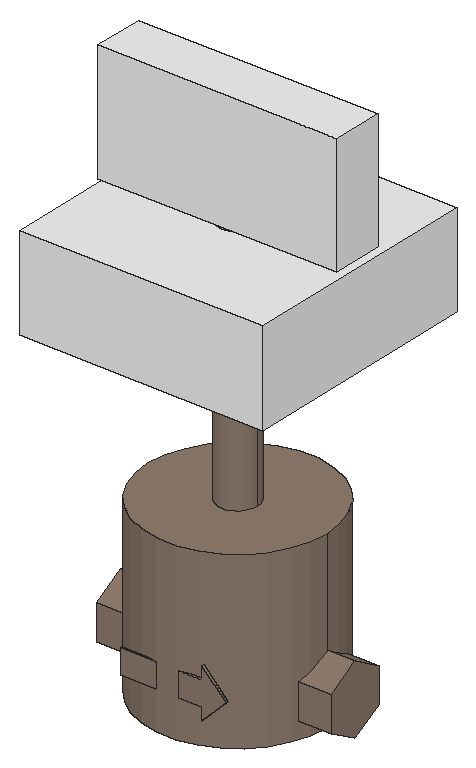
Revit family "Deca_Acabamento para Registro de Pressão Dream_4916.C87.PQ", category Plumbing Fixtures, host Face, Revit 2012
Parameters (values of type "Base Fácil CPVC 28mm (4416.302.CPVC)")
  Vendido Separadamente = ""
  Variações de COR = "Cromado 1/2 e 3/4 (4916.C87.PQ); Preto Fosco 1/2 e 3/4 (4916.F87.PQ.PTO)"  # constant formula
  URL = "www.deca.com.br/produtos"
  Symbol [instance] = no
  Segmento = "Luxo"  # constant formula
  Raio Ponto de Agua = 14 mm
  Produto = "Acabamento para registro de pressão"  # constant formula
  Pressão = "2 A 40 mca"  # constant formula
  Peso Liquido (Kg) = 0.5
  Norma = "ABNT NBR 10283: 2008"  # constant formula
  Model = Código  # "4916.C87.PQ"
  Material = "Deca_Latão Cromado e Plástico de Engenharia"  # constant formula
  Manufacturer = "Deca"  # constant formula
  Louça/Metais = "Metal"  # constant formula
  Linha = "Dream"  # constant formula
  Informações Complementares = "Mecanismo: 1/2 de volta"  # constant formula
  Flow Pressure = 0.00 psi
  Diâmetro Ponto de Agua = Raio Ponto de Agua * 2  # 28 mm
  Description = "Acabamento para registro"  # constant formula
  Default Elevation = 0 mm
  Código = "4916.C87.PQ"
  Criado por = "Contino/quattroD"  # constant formula
  Consumo = "Varia com a pressão"  # constant formula
  CWFU = 0
  Base de Registro de Pressão _Family = Deca_Shared_Base de Registro de Pressão_4916.C87.PQ : 4416.102 - DN 15 (1/2")
  Base de Registro de Pressão [instance] = yes
  Atendimento ao Cliente = "0800-0117073"  # constant formula
  Assembly Code = "D2020"
  Aprovado por = "Contino/quattroD"  # constant formula
  Acompanha o Produto = ""
  Acabamento de Registro [instance] = yes
  Acabamento = Deca CR10 Cromado Metal
Types (12, lengths in mm): name | Raio Ponto de Agua | Model | Diâmetro Ponto de Agua | Código | Base de Registro de Pressão _Family | Acabamento
  (no name) | 14 | "4916.C87.PQ" | 28 | "4916.C87.PQ" | Deca_Shared_Base de Registro de Pressão_4916.C87.PQ : 4416.102 - DN 15 (1/2") | Deca CR10 Cromado Metal
  4916.C87.PQ_Cromado CR10_1/2" | 7.5 | "4916.C87.PQ" | 15 | "4916.C87.PQ" | Deca_Shared_Base de Registro de Pressão_4916.C87.PQ : 4416.102 - DN 15 (1/2") | Deca CR10 Cromado Metal
  4916.C87.PQ_Cromado CR10_3/4" | 10 | "4916.C87.PQ" | 20 | "4916.C87.PQ" | Deca_Shared_Base de Registro de Pressão_4916.C87.PQ : 4416.202 - DN 20 (3/4") | Deca CR10 Cromado Metal
  4916.F87.PQ.PTO_Preto Fosco PR15_1/2" | 7.5 | "4916.F87.PQ.PTO" | 15 | "4916.F87.PQ.PTO" | Deca_Shared_Base de Registro de Pressão_4916.C87.PQ : 4416.102 - DN 15 (1/2") | Deca PR15 Preto Fosco Metal
  4916.F87.PQ.PTO_Preto Fosco PR15_3/4" | 10 | "4916.F87.PQ.PTO" | 20 | "4916.F87.PQ.PTO" | Deca_Shared_Base de Registro de Pressão_4916.C87.PQ : 4416.202 - DN 20 (3/4") | Deca PR15 Preto Fosco Metal
  Base Fácil PVC 20mm (4416.102.PVC) | 10 | "4916.C87.PQ" | 20 | "4916.C87.PQ" | Deca_Shared_Base de Registro de Pressão_4916.C87.PQ : 4416.102 - DN 15 (1/2") | Deca CR10 Cromado Metal
  Base Fácil PVC 25mm (4416.202.PVC) | 12.5 | "4916.C87.PQ" | 25 | "4916.C87.PQ" | Deca_Shared_Base de Registro de Pressão_4916.C87.PQ : 4416.102 - DN 15 (1/2") | Deca CR10 Cromado Metal
  Base Fácil PPR 20mm (4416.102.PPR) | 10 | "4916.C87.PQ" | 20 | "4916.C87.PQ" | Deca_Shared_Base de Registro de Pressão_4916.C87.PQ : 4416.102 - DN 15 (1/2") | Deca CR10 Cromado Metal
  Base Fácil PPR 25mm (4416.202.PPR) | 12.5 | "4916.C87.PQ" | 25 | "4916.C87.PQ" | Deca_Shared_Base de Registro de Pressão_4916.C87.PQ : 4416.102 - DN 15 (1/2") | Deca CR10 Cromado Metal
  Base Fácil CPVC 15mm (4416.102.CPVC) | 7.5 | "4916.C87.PQ" | 15 | "4916.C87.PQ" | Deca_Shared_Base de Registro de Pressão_4916.C87.PQ : 4416.102 - DN 15 (1/2") | Deca CR10 Cromado Metal
  Base Fácil CPVC 22mm (4416.202.CPVC) | 11 | "4916.C87.PQ" | 22 | "4916.C87.PQ" | Deca_Shared_Base de Registro de Pressão_4916.C87.PQ : 4416.102 - DN 15 (1/2") | Deca CR10 Cromado Metal
  Base Fácil CPVC 28mm (4416.302.CPVC) | 14 | "4916.C87.PQ" | 28 | "4916.C87.PQ" | Deca_Shared_Base de Registro de Pressão_4916.C87.PQ : 4416.102 - DN 15 (1/2") | Deca CR10 Cromado Metal
Reference planes
  plane 1 "Center (Front/Back)": y = 0
  plane 2: z = 0
  plane 3 "Center (Left/Right)": x = 0
  plane 4 "Back 1": y = 30.41
  plane 5 "Front 1": y = -30.418
  plane 6 "Left 1": x = -30.408
  plane 7 "Right 1": x = 30.667
  plane 8 "Top 1": z = 54.898
Forms (mm)
  Extrusion 1, solid, material "Deca CR10 Cromado Metal" <- "Acabamento", visible <- "Acabamento de Registro"
    sketch origin (0, 0, 0) x (1, 0, 0) y (0, 1, 0)
      loop
        line (-30.408, 30.41) -> (-30.408, -30.418) -> (30.667, -30.418) -> (30.667, 30.41) -> (-30.408, 30.41)
    from 0 to 23.5
  Extrusion 2, solid, material "Deca CR10 Cromado Metal" <- "Acabamento", visible <- "Acabamento de Registro"
    sketch origin (0, 0, 0) x (1, 0, 0) y (0, 1, 0)
      loop
        line (-30, 6.35) -> (-30, -6.35) -> (30, -6.35) -> (30, 6.35) -> (-30, 6.35)
    from 24.9 to 54.898
  Extrusion 3, solid, material "Deca CR10 Cromado Metal" <- "Acabamento", visible <- "Acabamento de Registro"
    sketch origin (0, 0, 0) x (1, 0, 0) y (0, 1, 0)
      loop
        circle (0, 0) r 5
    from 23.5 to 24.9
Lines and regions (mm)
  Masking region 1, visible <- "Acabamento de Registro"
    outline origin (0, 0, 0) x (1, 0, 0) y (0, 1, 0)
      loop
        line (-30.408, 30.41) -> (-30.408, -30.418) -> (30.667, -30.418) -> (30.667, 30.41) -> (-30.408, 30.41)
  Masking region 2, visible <- "Acabamento de Registro"
    outline origin (0, 0, 0) x (1, 0, 0) y (0, 0, 1)
      loop
        line (-30, 54.898) -> (-30, 24.9) -> (-5.266, 24.9) -> (-5.266, 23.5) -> (-30.408, 23.5) -> (-30.408, 0) -> (30.667, 0) -> (30.667, 23.5) -> (5.266, 23.5) -> (5.266, 24.9) -> (30.259, 24.9) -> (30.259, 54.898) -> (-30, 54.898)
  Masking region 3, visible <- "Acabamento de Registro"
    outline origin (0, 0, 0) x (0, 1, 0) y (0, 0, 1)
      loop
        line (-6.358, 54.898) -> (-6.358, 24.9) -> (-5.275, 24.9) -> (-5.275, 23.5) -> (-30.418, 23.5) -> (-30.418, 0) -> (30.41, 0) -> (30.41, 23.5) -> (5.258, 23.5) -> (5.258, 24.9) -> (6.342, 24.9) -> (6.342, 54.898) -> (-6.358, 54.898)
  symbolic lines, visible <- "Acabamento de Registro"
    curve 1: line (-5.266, 0, 24.9) -> (5.266, 0, 24.9)
    curve 2: line (5.266, 0, 23.5) -> (-5.266, 0, 23.5)
    curve 3: line (-30.312, 6.35, 0) -> (30.667, 6.35, 0)
    curve 4: line (-30.312, -6.35, 0) -> (30.667, -6.35, 0)
    curve 5: line (0, 5.258, 24.9) -> (0, -5.275, 24.9)
    curve 6: line (0, 5.258, 23.5) -> (0, -5.275, 23.5)
Dimensions and locks
  plane 6 "Left 1" to plane 7 "Right 1" = 61.075 mm
  plane 4 "Back 1" to plane 5 "Front 1" = 60.829 mm
  plane 7 "Right 1" to plane 6 "Left 1" = 61.075 mm
  plane 8 "Top 1" to host face = 54.898 mm  (x2)
  plane 5 "Front 1" to plane 4 "Back 1" = 60.829 mm
  aligned and locked: host face to plane 2
  aligned and locked: level to host face
Nested families
  nested 1: "Deca_Shared_Base de Registro de Pressão_4916.C87.PQ" at (-0.3, 0, -74.375), type <- "Base de Registro de Pressão _Family", visible <- "Base de Registro de Pressão", Symbol <- "Symbol", type "4416.102 - DN 15 (1/2")"
    with built-in parameter 1114242 1, Symbol no
Connectors
  piping at (-29.5, 0, -74.375), driven by "Raio Ponto de Agua", driven by "Flow Pressure"
    settings: on nested 1, index 1, connector radius 0.55118", flow factor 0, pipe flow 0 GPM, pressure drop 0.00 psi, fitting loss kfactor 0, connector angle 0.00°, fixture units 0, engagement length 0 mm, flow configuration 3, flow direction 1, fitting loss method 4, system type 29, joint type 0, gender type 0, connector reference index -1, connector utility 0, adjustable connector no, is connector primary yes, fitting loss table "", connector description ""
  piping at (29.5, 0, -74.375), driven by "Raio Ponto de Agua", driven by "Flow Pressure"
    settings: on nested 1, index 2, connector radius 0.55118", flow factor 0, pipe flow 0 GPM, pressure drop 0.00 psi, fitting loss kfactor 0, connector angle 0.00°, fixture units 0, engagement length 0 mm, flow configuration 3, flow direction 2, fitting loss method 4, system type 29, joint type 0, gender type 0, connector reference index -1, connector utility 0, adjustable connector no, is connector primary no, fitting loss table "", connector description ""
Definition of nested family "Deca_Shared_Base de Registro de Pressão_4916.C87.PQ"
  Parameters (values of type "4416.202 - DN 20 (3/4")")
    Vendido Separadamente = "Não Aplicável"  # constant formula
    Variações de COR = "1/2'' e 3/4''"  # constant formula
    built-in parameter 1114242 [instance] = 1
    Topo = Deca BR13 Bronze Bruto Metal
    Symbol [instance] = yes
    Segmento = "Básicos"  # constant formula
    Raio Ponto de Agua = 9.5 mm
    Radius Side = DN / 2  # 10 mm
    Produto = "Base de registro de pressão 3/4\""
    Pressão = "2 a 40 mca"  # constant formula
    Peso Liquido (Kg) = 0.332
    Norma = "NBR 15704-1"  # constant formula
    Mín = 30 mm
    Max = 40 mm
    Material = "Bronze Fundido e Plásticos de Engenharia"  # constant formula
    Louça/Metais = "Metais"  # constant formula
    Linha = "-"  # constant formula
    K Coefficient = 0
    Informações Complementares = "Gabarito para embutimento e proteção; Range de embutimento de 10 mm, Possibilidade de troca de mecanismo de MVS para MVR (meia volta); Sentido do fluxo indicado por seta indicativa no corpo;"  # constant formula
    Flow Pressure = 0.00 psi
    Fabricante = "Deca"  # constant formula
    Diâmetro Ponto de Agua = Raio Ponto de Agua * 2  # 19 mm
    Descrição = "Base de registro de pressão"  # constant formula
    DN = 20 mm
    Código = "4416.202"
    Criador por = "Contino/quattroD"  # constant formula
    Corpo = Deca BR13 Bronze Bruto Metal
    URL = "www.deca.com.br"
    Model = Código  # "4416.202"
    Manufacturer = Fabricante  # "Deca"
    Description = Descrição  # "Base de registro de pressão"
    B = 94 mm
    Atendimento ao Cliente = "0800-0117073"  # constant formula
    Assembly Code = ""
    Aprovado por = "Contino/quattroD"  # constant formula
    Acompanha o Produto = "Não Aplicável"  # constant formula
    A = 58 mm
  Types (2, lengths in mm): name | Raio Ponto de Agua | Radius Side | Produto | Peso Liquido (Kg) | Mín | Max | Diâmetro Ponto de Agua | DN | Código | Model | B | A
    4416.102 - DN 15 (1/2") | 6.4 | 7.5 | "Base de registro de pressão 1/2\"" | 0.31 | 35 | 45 | 12.8 | 15 | "4416.102" | "4416.102" | 99 | 59
    4416.202 - DN 20 (3/4") | 9.5 | 10 | "Base de registro de pressão 3/4\"" | 0.332 | 30 | 40 | 19 | 20 | "4416.202" | "4416.202" | 94 | 58
  Reference planes
    plane 1 "Center (Front/Back)": y = 0
    plane 2: z = 0
    plane 3 "Center (Left/Right)": x = 0.3
    plane 4 "Left 2": x = -28.7
    plane 5: through (11.528, 0, 0) normal (0, 0.5, -0.866)
    plane 6: through (11.528, 28.818, 28.185) normal (0, -0.5, 0.866)
    plane 7: through (11.528, 0, 0) normal (0, 0.5, 0.866)
    plane 8: through (11.528, 15.115, 2.82) normal (0, 0.5, 0.866)
    plane 9: through (11.528, 0, 0) normal (0, -0.5, -0.866)
    plane 10: through (11.528, 28.818, -28.185) normal (0, 0.5, 0.866)
    plane 11: through (11.528, 0, 0) normal (0, -0.5, 0.866)
    plane 12: through (11.528, 15.115, -2.82) normal (0, -0.5, 0.866)
    plane 13 "Right 2": x = 29.3
    plane 14 "Top 1": z = 30
    plane 15 "Right 1": x = 22.3
    plane 16 "Left 1": x = -21.7
    plane 17 "Top 2": z = 94
  Forms (mm)
    Extrusion 1, solid, material "Deca BR13 Bronze Bruto Metal" <- "Corpo"
      sketch origin (0, 134.427, 73.647) x (0, 1, 0) y (0, 0, 1)
        loop
          line (-124.427, -67.874) -> (-134.427, -62.1) -> (-144.427, -67.874) -> (-144.427, -79.421) -> (-134.427, -85.194) -> (-124.427, -79.421) -> (-124.427, -67.874)
      from -28.7 to 29.3
    Extrusion 2, solid, material "Deca BR13 Bronze Bruto Metal" <- "Corpo"
      sketch origin (0, 0, 0) x (1, 0, 0) y (0, 1, 0)
        loop
          circle (0.3, 0) r 22
      from -11.547 to 30
    Extrusion 3, solid, material "Deca BR13 Bronze Bruto Metal" <- "Topo"
      sketch origin (0, 0, 0) x (1, 0, 0) y (0, 1, 0)
        loop
          circle (0.3, 0) r 5
      from 30 to 94
    Extrusion 4, solid, material "Deca BR13 Bronze Bruto Metal" <- "Corpo"
      sketch origin (0, 0, 0) x (1, 0, 0) y (0, 0, 1)
        loop
          line (-10.882, 7.052) -> (-10.882, 0.923) -> (9.118, 0.923) -> (9.118, -2.241) -> (15.346, 3.987) -> (9.118, 10.216) -> (9.118, 7.052) -> (-10.882, 7.052)
      from 21.847 to 22.271
  Dimensions and locks
    "Radius Side": plane 6 to plane 5
    "Radius Side": plane 8 to plane 7
    "Radius Side": plane 10 to plane 9
    "Radius Side": plane 12 to plane 11
    "A": plane 4 "Left 2" to plane 13 "Right 2"
    equal spacing: plane 13 "Right 2", plane 3 "Center (Left/Right)", plane 4 "Left 2"
    "Mín": plane 14 "Top 1" to level
    locked: plane 13 "Right 2" to plane 15 "Right 1" at 7
    equal spacing: plane 16 "Left 1", plane 3 "Center (Left/Right)", plane 15 "Right 1"
    plane 4 "Left 2" to plane 13 "Right 2" = 58 mm
    "B": plane 17 "Top 2" to level
    aligned and locked: plane 4 "Left 2" to Extrusion 1
    aligned and locked: plane 13 "Right 2" to Extrusion 1
    aligned and locked: Extrusion 1 to Extrusion 2
    aligned and locked: plane 15 "Right 1" to Extrusion 2 sketch curve
    aligned and locked: plane 14 "Top 1" to Extrusion 2
    aligned and locked: Extrusion 3 to plane 14 "Top 1"
    aligned and locked: plane 17 "Top 2" to Extrusion 3
  Automatic sketch dimensions
    Extrusion 1 sketch curve to plane 5 = 0 mm
    plane 10 to Extrusion 1 sketch curve = 0 mm  (x2)
    Extrusion 1 sketch curve to plane 1 "Center (Front/Back)" = 0 mm  (x2)
    plane 7 to Extrusion 1 sketch curve = 0 mm
    plane 12 to Extrusion 1 sketch curve = 0 mm
    plane 5 to Extrusion 1 sketch curve = 0 mm
    Extrusion 1 sketch curve to plane 6 = 0 mm  (x2)
    plane 1 "Center (Front/Back)" to Extrusion 2 sketch curve = 0 mm
    Extrusion 2 sketch curve to plane 3 "Center (Left/Right)" = 0 mm
    plane 1 "Center (Front/Back)" to Extrusion 3 sketch curve = 0 mm
    Extrusion 3 sketch curve to plane 3 "Center (Left/Right)" = 0 mm
    Extrusion 4 sketch curve to plane 16 "Left 1" = 10.818 mm
    plane 3 "Center (Left/Right)" to Extrusion 4 sketch curve = 8.818 mm
    level to Extrusion 4 sketch curve = 0.923 mm
    Extrusion 4 sketch curve to Extrusion 4 sketch curve = 0 mm
    level to Extrusion 4 sketch curve = 3.987 mm
    Extrusion 4 sketch curve to Extrusion 4 sketch curve = 6.228 mm
    Extrusion 4 sketch curve to level = 2.241 mm
    Extrusion 4 sketch curve to Extrusion 4 sketch curve = 3.163 mm
    radius of Extrusion 3 sketch curve = 5 mm
  Nested families
    nested 1: "Symbol" at (0.3, 0, 0), visible <- "Symbol", type "Symbol"
  Connectors
    piping at (29.3, 0, 0), driven by "Flow Pressure", driven by "Raio Ponto de Agua"
      settings: on Extrusion 1, index 1, connector radius 0.37402", flow factor 0, pipe flow 0 GPM, pressure drop 0.00 psi, fitting loss kfactor 0, connector angle 0.00°, fixture units 0, engagement length 0 mm, flow configuration 3, flow direction 2, fitting loss method 4, system type 29, joint type 0, gender type 0, connector reference index -1, connector utility 0, adjustable connector no, is connector primary yes, fitting loss table "", connector description ""
    piping at (-28.7, 0, 0), driven by "Raio Ponto de Agua", driven by "Flow Pressure"
      settings: on Extrusion 1, index 2, connector radius 0.37402", flow factor 0, pipe flow 0 GPM, pressure drop 0.00 psi, fitting loss kfactor 0, connector angle 0.00°, fixture units 0, engagement length 0 mm, flow configuration 3, flow direction 1, fitting loss method 4, system type 29, joint type 0, gender type 0, connector reference index -1, connector utility 0, adjustable connector no, is connector primary no, fitting loss table "", connector description ""
  Definition of nested family "Symbol"
    Reference planes
      plane 1: y = 0
      plane 2: x = 0
    Lines and regions (mm)
      detail lines, style "Centerline"
        curve 1: line (0, 1.651, 0) -> (0, -3.349, 0)
        curve 2: line (0, -3.349, 0) -> (-2.5, -3.349, 0)
        curve 3: circle (0, 0, 0) r 1.651 normal (0, 0, 1)
      detail lines
        curve 4: line (2.5, 1.651, 0) -> (2.5, -1.651, 0)
        curve 5: line (-2.5, 1.651, 0) -> (-2.5, -1.651, 0)
